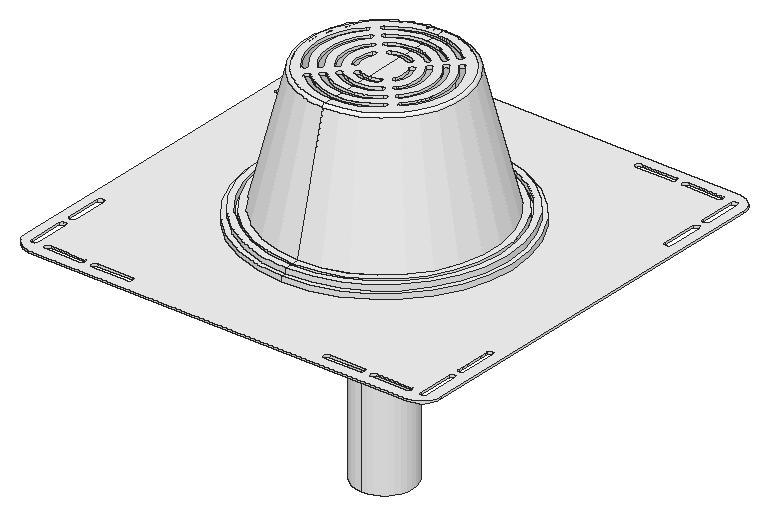
Revit family "RFD", category Plumbing Fixtures, host Face, Revit 2018
Family settings
  Host = Face
  Round Connector Dimension = Use Radius
  Part Type = Normal
  Cut with Voids When Loaded = No
  Shared = No
  Room Calculation Point = No
Parameters
  WFU = 0
  URL = "WWW.MIFAB.COM"
  Pipe Radius = Pipe Diameter / 2  # 0' - 1 1/2"
  Pipe Diameter = 0' - 3"
  Model = "RFD"
  Manufacturer = "MIFAB"
  Floor Drain Material = Paint - Sherwin Williams Paint - #952C2A - Bellwood Red
  Description = "REPLACEMENT ROOF DRAIN"
  Default Elevation = 0' - 0"
  CWFU = 0
  Assembly Code = ""
Reference planes (in)
  plane 1 "Center (Front/Back)": y = 0
  plane 2: z = 0
  plane 3 "Center (Left/Right)": x = 0
  plane 4: z = -3
  plane 5: z = -2.375
  plane 6: y = -1.5
  plane 7: y = 1.5
  plane 8: z = -12.83594
  plane 9: x = -11
  plane 10: x = 11
  plane 11: y = -4.25239
  plane 12: y = 11
  plane 13: y = -11
  plane 14: y = 6.78125
  plane 15: y = -6.78125
  plane 16: y = 6.0625
  plane 17: y = -6.0625
  plane 18: z = -0.07032
  plane 19: z = -0.83594
  plane 20: z = -0.73175
  plane 21: z = 6.66406
Forms (in)
  Revolve 1, solid, material "Paint - Sherwin Williams Paint - #952C2A - Bellwood Red" <- "Floor Drain Material"
    sketch origin (0, 0.04396, -2.375) x (0, 1, 0) y (0, 0, 1)
      loop
        line (-1.54396, -1.10318) -> (-1.54396, -10.46094) -> (-1.43849, -10.46094) -> (-1.43849, -1.10921) -> (-4.19095, 1.64325) -> (-4.29039, 1.64325) -> (-1.54396, -1.10318)
      axis (-0.04396, -10.46094) -> (-0.04396, 1.64325)
    angle from 0 to 360
  Extrusion 2, solid, material "Paint - Sherwin Williams Paint - #952C2A - Bellwood Red" <- "Floor Drain Material"
    sketch origin (0, 0, 0) x (1, 0, 0) y (0, 1, 0)
      loop
        arc (-10, 11) -> (-10.70711, 10.70711) -> (-11, 10) r 1
        line (-11, 10) -> (-11, -10)
        arc (-11, -10) -> (-10.70711, -10.70711) -> (-10, -11) r 1
        line (-10, -11) -> (10, -11)
        arc (10, -11) -> (10.70711, -10.70711) -> (11, -10) r 1
        line (11, -10) -> (11, 10)
        arc (11, 10) -> (10.70711, 10.70711) -> (10, 11) r 1
        line (10, 11) -> (-10, 11)
      loop
        arc (-9.55988, 10.48501) -> (-9.73389, 10.311) -> (-9.55988, 10.13699) r 0.17401
        line (-9.55988, 10.13699) -> (-7.72932, 10.13699)
        arc (-7.72932, 10.13699) -> (-7.55531, 10.311) -> (-7.72932, 10.48501) r 0.17401
        line (-7.72932, 10.48501) -> (-9.55988, 10.48501)
      loop
        arc (-7.05988, 10.48501) -> (-7.23389, 10.311) -> (-7.05988, 10.13699) r 0.17401
        line (-7.05988, 10.13699) -> (-5.22932, 10.13699)
        arc (-5.22932, 10.13699) -> (-5.05531, 10.311) -> (-5.22932, 10.48501) r 0.17401
        line (-5.22932, 10.48501) -> (-7.05988, 10.48501)
      loop
        line (-10.48501, 10.24738) -> (-10.48501, 8.41682)
        arc (-10.48501, 8.41682) -> (-10.311, 8.24281) -> (-10.13699, 8.41682) r 0.17401
        line (-10.13699, 8.41682) -> (-10.13699, 10.24738)
        arc (-10.13699, 10.24738) -> (-10.311, 10.42139) -> (-10.48501, 10.24738) r 0.17401
      loop
        line (-10.48501, 7.74738) -> (-10.48501, 5.91682)
        arc (-10.48501, 5.91682) -> (-10.311, 5.74281) -> (-10.13699, 5.91682) r 0.17401
        line (-10.13699, 5.91682) -> (-10.13699, 7.74738)
        arc (-10.13699, 7.74738) -> (-10.311, 7.92139) -> (-10.48501, 7.74738) r 0.17401
      loop
        line (9.55988, 10.48501) -> (7.72932, 10.48501)
        arc (7.72932, 10.48501) -> (7.55531, 10.311) -> (7.72932, 10.13699) r 0.17401
        line (7.72932, 10.13699) -> (9.55988, 10.13699)
        arc (9.55988, 10.13699) -> (9.73389, 10.311) -> (9.55988, 10.48501) r 0.17401
      loop
        line (7.05988, 10.48501) -> (5.22932, 10.48501)
        arc (5.22932, 10.48501) -> (5.05531, 10.311) -> (5.22932, 10.13699) r 0.17401
        line (5.22932, 10.13699) -> (7.05988, 10.13699)
        arc (7.05988, 10.13699) -> (7.23389, 10.311) -> (7.05988, 10.48501) r 0.17401
      loop
        arc (10.48501, 10.24738) -> (10.311, 10.42139) -> (10.13699, 10.24738) r 0.17401
        line (10.13699, 10.24738) -> (10.13699, 8.41682)
        arc (10.13699, 8.41682) -> (10.311, 8.24281) -> (10.48501, 8.41682) r 0.17401
        line (10.48501, 8.41682) -> (10.48501, 10.24738)
      loop
        arc (10.48501, 7.74738) -> (10.311, 7.92139) -> (10.13699, 7.74738) r 0.17401
        line (10.13699, 7.74738) -> (10.13699, 5.91682)
        arc (10.13699, 5.91682) -> (10.311, 5.74281) -> (10.48501, 5.91682) r 0.17401
        line (10.48501, 5.91682) -> (10.48501, 7.74738)
      loop
        line (-9.55988, -10.48501) -> (-7.72932, -10.48501)
        arc (-7.72932, -10.48501) -> (-7.55531, -10.311) -> (-7.72932, -10.13699) r 0.17401
        line (-7.72932, -10.13699) -> (-9.55988, -10.13699)
        arc (-9.55988, -10.13699) -> (-9.73389, -10.311) -> (-9.55988, -10.48501) r 0.17401
      loop
        line (-7.05988, -10.48501) -> (-5.22932, -10.48501)
        arc (-5.22932, -10.48501) -> (-5.05531, -10.311) -> (-5.22932, -10.13699) r 0.17401
        line (-5.22932, -10.13699) -> (-7.05988, -10.13699)
        arc (-7.05988, -10.13699) -> (-7.23389, -10.311) -> (-7.05988, -10.48501) r 0.17401
      loop
        arc (-10.48501, -10.24738) -> (-10.311, -10.42139) -> (-10.13699, -10.24738) r 0.17401
        line (-10.13699, -10.24738) -> (-10.13699, -8.41682)
        arc (-10.13699, -8.41682) -> (-10.311, -8.24281) -> (-10.48501, -8.41682) r 0.17401
        line (-10.48501, -8.41682) -> (-10.48501, -10.24738)
      loop
        arc (-10.48501, -7.74738) -> (-10.311, -7.92139) -> (-10.13699, -7.74738) r 0.17401
        line (-10.13699, -7.74738) -> (-10.13699, -5.91682)
        arc (-10.13699, -5.91682) -> (-10.311, -5.74281) -> (-10.48501, -5.91682) r 0.17401
        line (-10.48501, -5.91682) -> (-10.48501, -7.74738)
      loop
        arc (9.55988, -10.48501) -> (9.73389, -10.311) -> (9.55988, -10.13699) r 0.17401
        line (9.55988, -10.13699) -> (7.72932, -10.13699)
        arc (7.72932, -10.13699) -> (7.55531, -10.311) -> (7.72932, -10.48501) r 0.17401
        line (7.72932, -10.48501) -> (9.55988, -10.48501)
      loop
        arc (7.05988, -10.48501) -> (7.23389, -10.311) -> (7.05988, -10.13699) r 0.17401
        line (7.05988, -10.13699) -> (5.22932, -10.13699)
        arc (5.22932, -10.13699) -> (5.05531, -10.311) -> (5.22932, -10.48501) r 0.17401
        line (5.22932, -10.48501) -> (7.05988, -10.48501)
      loop
        line (10.48501, -10.24738) -> (10.48501, -8.41682)
        arc (10.48501, -8.41682) -> (10.311, -8.24281) -> (10.13699, -8.41682) r 0.17401
        line (10.13699, -8.41682) -> (10.13699, -10.24738)
        arc (10.13699, -10.24738) -> (10.311, -10.42139) -> (10.48501, -10.24738) r 0.17401
      loop
        line (10.48501, -7.74738) -> (10.48501, -5.91682)
        arc (10.48501, -5.91682) -> (10.311, -5.74281) -> (10.13699, -5.91682) r 0.17401
        line (10.13699, -5.91682) -> (10.13699, -7.74738)
        arc (10.13699, -7.74738) -> (10.311, -7.92139) -> (10.48501, -7.74738) r 0.17401
      loop
        circle (0, 0) r 4.19357
    from -0.73175 to -0.83594
  Revolve 3, solid, material "Paint - Sherwin Williams Paint - #952C2A - Bellwood Red" <- "Floor Drain Material"
    sketch origin (0, 0, 0) x (0, 1, 0) y (0, 0, 1)
      loop
        line (-6.78125, -0.55961) -> (-5.92019, -0.55961) -> (-5.92019, -0.59376)
        arc (-5.92019, -0.59376) -> (-5.77734, -0.73661) -> (-5.63449, -0.59376) r 0.14285
        line (-5.63449, -0.59376) -> (-5.63449, -0.55961) -> (-5.38449, -0.55961) -> (-5.38449, -0.59376)
        arc (-5.38449, -0.59376) -> (-5.24164, -0.73661) -> (-5.09879, -0.59376) r 0.14285
        line (-5.09879, -0.59376) -> (-4.18981, -0.65732) -> (-4.18981, -0.36795) -> (-6.21626, -0.28771) -> (-6.21626, 0) -> (-6.53125, 0) -> (-6.53125, -0.28771) -> (-6.78125, -0.28771) -> (-6.78125, -0.55961)
      axis (0, -0.65732) -> (0, 0)
    angle from 0 to 360
  Revolve 4, solid, material "Paint - Sherwin Williams Paint - #952C2A - Bellwood Red" <- "Floor Drain Material"
    sketch origin (0, 0, 0) x (0, 1, 0) y (0, 0, 1)
      loop
        line (-6.0625, -0.28771) -> (-5.66773, -0.28771) -> (-3.98461, 6.46292)
        arc (-3.98461, 6.46292) -> (-3.94533, 6.52339) -> (-3.87715, 6.54687) r 0.11074
        line (-3.87715, 6.54687) -> (0, 6.54687) -> (0, 6.66406) -> (-3.91067, 6.66406)
        arc (-3.91067, 6.66406) -> (-4.02459, 6.62483) -> (-4.09021, 6.52378) r 0.18504
        line (-4.09021, 6.52378) -> (-5.71677, 0) -> (-6.0625, 0) -> (-6.0625, -0.28771)
      axis (0, -0.28771) -> (0, 6.66406)
    angle from 0 to 360
  Extrusion 5, void
    sketch origin (0, 0, 0) x (1, 0, 0) y (0, 1, 0)
      loop
        arc (-1.93248, 2.46193) -> (-0.00318, 3.18071) -> (1.91153, 2.42392) r 2.87254
        arc (1.91153, 2.42392) -> (2.13066, 2.4379) -> (2.10738, 2.65623) r 0.15207
        arc (2.10738, 2.65623) -> (-0.01609, 3.48442) -> (-2.14754, 2.67699) r 3.17615
        arc (-2.14754, 2.67699) -> (-2.15465, 2.45482) -> (-1.93248, 2.46193) r 0.15238
      loop
        arc (1.69663, 2.12805) -> (-0.00142, 2.7961) -> (-1.71469, 2.16811) r 2.56893
        arc (-1.71469, 2.16811) -> (-1.70635, 1.96115) -> (-1.49939, 1.95281) r 0.15274
        arc (-1.49939, 1.95281) -> (0.0115, 2.49226) -> (1.50078, 1.89574) r 2.26531
        arc (1.50078, 1.89574) -> (1.7199, 1.90972) -> (1.69663, 2.12805) r 0.15206
      loop
        arc (1.19413, 1.63754) -> (0.0007, 2.06734) -> (-1.20623, 1.67705) r 1.9617
        arc (-1.20623, 1.67705) -> (-1.23691, 1.46457) -> (-1.02443, 1.43388) r 0.15181
        arc (-1.02443, 1.43388) -> (-0.0043, 1.76377) -> (1.00443, 1.40049) r 1.65809
        arc (1.00443, 1.40049) -> (1.2178, 1.42416) -> (1.19413, 1.63754) r 0.15181
      loop
        arc (0.63232, 1.16507) -> (0.01631, 1.33809) -> (-0.6104, 1.20904) r 1.35448
        arc (-0.6104, 1.20904) -> (-0.68278, 1.00692) -> (-0.48066, 0.93455) r 0.15181
        arc (-0.48066, 0.93455) -> (0.00557, 1.03467) -> (0.48351, 0.90043) r 1.05087
        arc (0.48351, 0.90043) -> (0.69023, 0.95834) -> (0.63232, 1.16507) r 0.15181
      loop
        arc (-1.93248, -2.46193) -> (-2.15465, -2.45482) -> (-2.14754, -2.67699) r 0.15238
        arc (-2.14754, -2.67699) -> (-0.01609, -3.48442) -> (2.10738, -2.65623) r 3.17615
        arc (2.10738, -2.65623) -> (2.13066, -2.4379) -> (1.91153, -2.42392) r 0.15207
        arc (1.91153, -2.42392) -> (-0.00318, -3.18071) -> (-1.93248, -2.46193) r 2.87254
      loop
        arc (1.69663, -2.12805) -> (1.7199, -1.90972) -> (1.50078, -1.89574) r 0.15206
        arc (1.50078, -1.89574) -> (0.0115, -2.49226) -> (-1.49939, -1.95281) r 2.26531
        arc (-1.49939, -1.95281) -> (-1.70635, -1.96115) -> (-1.71469, -2.16811) r 0.15274
        arc (-1.71469, -2.16811) -> (-0.00142, -2.7961) -> (1.69663, -2.12805) r 2.56893
      loop
        arc (1.19413, -1.63754) -> (1.2178, -1.42416) -> (1.00443, -1.40049) r 0.15181
        arc (1.00443, -1.40049) -> (-0.0043, -1.76377) -> (-1.02443, -1.43388) r 1.65809
        arc (-1.02443, -1.43388) -> (-1.23691, -1.46457) -> (-1.20623, -1.67705) r 0.15181
        arc (-1.20623, -1.67705) -> (0.0007, -2.06734) -> (1.19413, -1.63754) r 1.9617
      loop
        arc (0.63232, -1.16507) -> (0.69023, -0.95834) -> (0.48351, -0.90043) r 0.15181
        arc (0.48351, -0.90043) -> (0.00557, -1.03467) -> (-0.48066, -0.93455) r 1.05087
        arc (-0.48066, -0.93455) -> (-0.68278, -1.00692) -> (-0.6104, -1.20904) r 0.15181
        arc (-0.6104, -1.20904) -> (0.01631, -1.33809) -> (0.63232, -1.16507) r 1.35448
      loop
        arc (-2.47416, -1.92143) -> (-3.19714, 0.0063) -> (-2.44453, 1.92265) r 2.87254
        arc (-2.44453, 1.92265) -> (-2.45899, 2.14175) -> (-2.67727, 2.118) r 0.15207
        arc (-2.67727, 2.118) -> (-3.50083, -0.00727) -> (-2.68875, -2.13696) r 3.17615
        arc (-2.68875, -2.13696) -> (-2.46656, -2.14359) -> (-2.47416, -1.92143) r 0.15238
      loop
        arc (-2.14819, 1.7084) -> (-2.81254, 0.0089) -> (-2.18082, -1.703) r 2.56893
        arc (-2.18082, -1.703) -> (-1.97387, -1.69421) -> (-1.96598, -1.48723) r 0.15274
        arc (-1.96598, -1.48723) -> (-2.50872, 0.02248) -> (-1.91546, 1.51305) r 2.26531
        arc (-1.91546, 1.51305) -> (-1.92991, 1.73214) -> (-2.14819, 1.7084) r 0.15206
      loop
        arc (-1.65659, 1.20697) -> (-2.08379, 0.0126) -> (-1.69086, -1.19347) r 1.9617
        arc (-1.69086, -1.19347) -> (-1.47831, -1.22369) -> (-1.4481, -1.01114) r 0.15181
        arc (-1.4481, -1.01114) -> (-1.78021, 0.00827) -> (-1.41913, 1.01778) r 1.65809
        arc (-1.41913, 1.01778) -> (-1.44326, 1.23111) -> (-1.65659, 1.20697) r 0.15181
      loop
        arc (-1.1829, 0.6462) -> (-1.35458, 0.0298) -> (-1.22415, -0.59662) r 1.35448
        arc (-1.22415, -0.59662) -> (-1.02188, -0.66856) -> (-0.94994, -0.46628) r 0.15181
        arc (-0.94994, -0.46628) -> (-1.05113, 0.01973) -> (-0.91794, 0.49796) r 1.05087
        arc (-0.91794, 0.49796) -> (-0.9763, 0.70456) -> (-1.1829, 0.6462) r 0.15181
      loop
        arc (2.44969, -1.91069) -> (2.44306, -2.13288) -> (2.66522, -2.12529) r 0.15238
        arc (2.66522, -2.12529) -> (3.468, 0.00792) -> (2.63518, 2.12958) r 3.17615
        arc (2.63518, 2.12958) -> (2.4168, 2.15238) -> (2.4033, 1.93322) r 0.15207
        arc (2.4033, 1.93322) -> (3.16426, 0.02017) -> (2.44969, -1.91069) r 2.87254
      loop
        arc (2.1079, 1.71768) -> (1.88951, 1.74047) -> (1.87601, 1.52132) r 0.15206
        arc (1.87601, 1.52132) -> (2.47578, 0.03335) -> (1.93963, -1.47871) r 2.26531
        arc (1.93963, -1.47871) -> (1.94841, -1.68566) -> (2.1554, -1.69354) r 0.15274
        arc (2.1554, -1.69354) -> (2.77965, 0.02109) -> (2.1079, 1.71768) r 2.56893
      loop
        arc (1.61848, 1.21411) -> (1.40506, 1.23732) -> (1.38185, 1.02389) r 0.15181
        arc (1.38185, 1.02389) -> (1.74733, 0.01596) -> (1.41966, -1.00489) r 1.65809
        arc (1.41966, -1.00489) -> (1.45081, -1.2173) -> (1.66322, -1.18616) r 0.15181
        arc (1.66322, -1.18616) -> (2.05089, 0.02162) -> (1.61848, 1.21411) r 1.9617
      loop
        arc (1.14724, 0.65128) -> (0.94039, 0.70874) -> (0.88293, 0.50188) r 0.15181
        arc (0.88293, 0.50188) -> (1.01821, 0.02424) -> (0.91914, -0.4622) r 1.05087
        arc (0.91914, -0.4622) -> (0.99196, -0.66416) -> (1.19392, -0.59135) r 0.15181
        arc (1.19392, -0.59135) -> (1.32161, 0.03564) -> (1.14724, 0.65128) r 1.35448
    from 6.35885 to 7.1022
Cuts and joins
  joined: Revolve 1, Extrusion 2
  Extrusion 5 cuts Revolve 4
Lines and regions (in)
  model lines, not visible
    curve 1: line (6.7156, 0, 9.07611) -> (12.5156, 0, 9.07611)
    curve 2: line (12.5156, 0, 9.07611) -> (12.5156, 0, 10.82611)
    curve 3: line (12.5156, 0, 10.82611) -> (6.7156, 0, 10.82611)
    curve 4: line (6.7156, 0, 10.82611) -> (6.7156, 0, 9.07611)
    curve 5: line (7.13163, 0, 10.86539) -> (7.13163, 0, 12.86539)
    curve 6: line (7.13163, 0, 12.86539) -> (15.53163, 0, 12.86539)
    curve 7: line (15.53163, 0, 12.86539) -> (15.53163, 0, 10.86539)
    curve 8: line (11.33163, 0, 12.86539) -> (11.33163, 0, 12.36539)
    curve 9: line (10.38306, 10.17879, 0) -> (10.38306, 12.67879, 0)
    curve 10: line (10.38306, 12.67879, 0) -> (20.88306, 12.67879, 0)
    curve 11: line (20.88306, 12.67879, 0) -> (20.88306, 10.17879, 0)
    curve 12: line (15.63306, 12.67879, 0) -> (15.63306, 10.92879, 0)
    curve 13: line (10.06912, 0, 4.67543) -> (10.06912, 0, 6.92543)
    curve 14: line (10.06912, 0, 6.92543) -> (-0.26488, 0, 6.92543)
    curve 15: line (-0.26488, 0, 6.92543) -> (-0.26488, 0, 4.42543)
    curve 16: line (10.75678, 9.64709, 0) -> (10.75678, 10.89709, 0)
    curve 17: line (10.75678, 10.89709, 0) -> (15.25678, 10.89709, 0)
    curve 18: line (15.25678, 10.89709, 0) -> (15.25678, 9.64709, 0)
    curve 19: line (13.00678, 10.89709, 0) -> (13.00678, 10.14709, 0)
    curve 20: line (6.88273, 9.30587, 0) -> (6.88273, 10.55587, 0)
    curve 21: line (6.88273, 10.55587, 0) -> (20.08273, 10.55587, 0)
    curve 22: line (20.08273, 10.55587, 0) -> (20.08273, 9.30587, 0)
    curve 23: line (13.48273, 10.55587, 0) -> (13.48273, 9.80587, 0)
    curve 24: line (16.96132, 12.87513, 0) -> (16.96132, 15.37513, 0)
    curve 25: line (16.96132, 15.37513, 0) -> (27.46132, 15.37513, 0)
    curve 26: line (27.46132, 15.37513, 0) -> (27.46132, 12.87513, 0)
    curve 27: line (22.21132, 15.37513, 0) -> (22.21132, 14.12513, 0)
    curve 28: line (4.80401, 26.27015, 0) -> (4.80401, 28.52015, 0)
    curve 29: line (4.80401, 28.52015, 0) -> (15.86651, 28.52015, 0)
    curve 30: line (15.86651, 28.52015, 0) -> (15.86651, 26.27015, 0)
    curve 31: line (10.33526, 28.52015, 0) -> (10.33526, 27.02015, 0)
    curve 32: line (4.80401, 26.27015, 0) -> (4.80401, 28.52015, 0)
    curve 33: line (4.80401, 28.52015, 0) -> (9.80401, 28.52015, 0)
    curve 34: line (9.80401, 28.52015, 0) -> (9.80401, 26.27015, 0)
    curve 35: line (7.30401, 28.52015, 0) -> (7.30401, 27.02015, 0)
    curve 36: line (4.30401, 26.27015, 0) -> (4.30401, 28.52015, 0)
    curve 37: line (4.30401, 28.52015, 0) -> (10.30401, 28.52015, 0)
    curve 38: line (10.30401, 28.52015, 0) -> (10.30401, 26.27015, 0)
    curve 39: line (7.30401, 28.52015, 0) -> (7.30401, 27.02015, 0)
    curve 40: line (10.02403, 24.13739, 0) -> (10.02403, 27.63739, 0)
    curve 41: line (10.02403, 27.63739, 0) -> (16.39403, 27.63739, 0)
    curve 42: line (16.39403, 27.63739, 0) -> (16.39403, 24.13739, 0)
    curve 43: line (13.20903, 27.63739, 0) -> (13.20903, 25.88739, 0)
    curve 44: line (11.26242, 10.04523, 0) -> (11.26242, 11.54523, 0)
    curve 45: line (11.26242, 11.54523, 0) -> (28.32492, 11.54523, 0)
    curve 46: line (28.32492, 11.54523, 0) -> (28.32492, 10.04523, 0)
    curve 47: line (19.79367, 11.54523, 0) -> (19.79367, 11.04523, 0)
    curve 48: line (10.4456, 26.43341, 0) -> (10.4456, 28.43341, 0)
    curve 49: line (10.4456, 28.43341, 0) -> (20.4456, 28.43341, 0)
    curve 50: line (20.4456, 28.43341, 0) -> (20.4456, 26.43341, 0)
    curve 51: line (15.4456, 28.43341, 0) -> (15.4456, 27.43341, 0)
    curve 52: line (-14.38055, 12.47308, 0) -> (-14.38055, 22.47308, 0)
    curve 53: line (-14.38055, 22.47308, 0) -> (-12.88055, 22.47308, 0)
    curve 54: line (-14.38055, 12.47308, 0) -> (-12.88055, 12.47308, 0)
    curve 55: line (-14.38055, 17.47308, 0) -> (-13.63055, 17.47308, 0)
    curve 56: line (0, 9.5734, 28.63941) -> (0, 9.5734, 31.38941)
    curve 57: line (0, 9.5734, 31.38941) -> (0, -2.5516, 31.38941)
    curve 58: line (0, -2.5516, 31.38941) -> (0, -2.5516, 28.63941)
    curve 59: line (0, 3.5109, 31.38941) -> (0, 3.5109, 30.38941)
Dimensions and locks (in)
  equal spacing: plane 7, plane 1 "Center (Front/Back)", plane 6
  "Pipe Diameter": plane 7 to plane 6
  "Pipe Radius": plane 1 "Center (Front/Back)" to plane 6
  locked: plane 19 to plane 8 at 12
  plane 2 to plane 8 = 1' - 0 107/128"
  equal spacing: plane 9, plane 3 "Center (Left/Right)", plane 10  (x2)
  plane 9 to plane 10 = 1' - 10"  (x2)
  equal spacing: plane 12, plane 1 "Center (Front/Back)", plane 13  (x2)
  plane 12 to plane 13 = 1' - 10"  (x2)
  equal spacing: plane 14, plane 1 "Center (Front/Back)", plane 15
  plane 14 to plane 15 = 1' - 1 9/16"
  equal spacing: plane 16, plane 1 "Center (Front/Back)", plane 17
  locked: plane 16 to plane 17 at 12.125
  plane 18 to plane 2 = 0' - 0 9/128"
  locked: plane 19 to plane 20 at 0.10419
  locked: plane 19 to plane 21 at 7.5
  aligned and locked: plane 2 to host face
  aligned and locked: level to host face
  aligned and locked: Revolve 1 sketch curve to plane 8
  aligned and locked: plane 12 to Extrusion 2 sketch curve
  aligned and locked: plane 9 to Extrusion 2 sketch curve
  aligned and locked: Extrusion 2 sketch curve to plane 13
  aligned and locked: plane 10 to Extrusion 2 sketch curve
  aligned and locked: plane 19 to Extrusion 2
  aligned and locked: Extrusion 2 to plane 20
Automatic sketch dimensions
  host sketch curve to host sketch curve = 8' - 0"  (x2)
  curve 5 to curve 7 = 0' - 8.4"
  curve 5 to curve 8 = 0' - 4.2"
  curve 5 to curve 5 = 0' - 2"
  curve 7 to curve 6 = 0' - 2"
  curve 8 to curve 8 = 0' - 0 1/2"
  curve 32 to curve 34 = 0' - 5"
  curve 35 to curve 34 = 0' - 2 1/2"
  curve 35 to curve 33 = 0' - 1 1/2"
  curve 32 to curve 33 = 0' - 2 1/4"
  curve 34 to curve 35 = 0' - 0 3/4"
  curve 36 to curve 38 = 0' - 6"
  curve 39 to curve 38 = 0' - 3"
  curve 39 to curve 37 = 0' - 1 1/2"
  curve 36 to curve 37 = 0' - 2 1/4"
  curve 38 to curve 39 = 0' - 0 3/4"
  curve 57 to curve 57 = 1' - 0 1/8"
  curve 57 to curve 59 = 0' - 6 1/16"
  curve 56 to curve 56 = 0' - 2 3/4"
  curve 58 to curve 57 = 0' - 2 3/4"
  curve 59 to curve 59 = 0' - 1"
  plane 1 "Center (Front/Back)" to Extrusion 2 sketch curve = 0' - 0"
  Extrusion 2 sketch curve to plane 9 = 0' - 0.51499"  (x4)
  Extrusion 2 sketch curve to plane 17 = 0' - 0.14568"  (x2)
  Extrusion 2 sketch curve to Extrusion 2 sketch curve = 0' - 0.17401"  (x15)
  Extrusion 2 sketch curve to Extrusion 2 sketch curve = 0' - 0.13699"  (x4)
  Extrusion 2 sketch curve to Extrusion 2 sketch curve = 0' - 0.57711"  (x2)
  plane 13 to Extrusion 2 sketch curve = 0' - 0.689"  (x4)
  Extrusion 2 sketch curve to Extrusion 2 sketch curve = 0' - 1.83056"  (x6)
  plane 12 to Extrusion 2 sketch curve = 0' - 0.689"  (x3)
  Extrusion 2 sketch curve to Extrusion 2 sketch curve = 0' - 0.66944"  (x8)
  plane 3 "Center (Left/Right)" to Extrusion 2 sketch curve = 0' - 5.22932"  (x2)
  plane 12 to Extrusion 2 sketch curve = 0' - 0.86301"  (x2)
  plane 10 to Extrusion 2 sketch curve = 0' - 1.44012"  (x2)
  Extrusion 2 sketch curve to Extrusion 2 sketch curve = 0' - 0.44012"  (x2)
  plane 10 to Extrusion 2 sketch curve = 0' - 0.86301"
  Extrusion 2 sketch curve to Extrusion 2 sketch curve = 0' - 0"
  Extrusion 2 sketch curve to Extrusion 2 sketch curve = 0' - 0.24738"  (x4)
  Extrusion 2 sketch curve to Extrusion 2 sketch curve = 0' - 1.58318"
  plane 15 to Extrusion 2 sketch curve = 0' - 1.63557"
  plane 16 to Extrusion 2 sketch curve = 0' - 0.14568"  (x2)
  plane 14 to Extrusion 2 sketch curve = 0' - 0.96613"  (x2)
  Extrusion 2 sketch curve to plane 3 "Center (Left/Right)" = 0' - 0"
  Revolve 4 sketch curve to plane 17 = 0' - 0"
  Revolve 4 sketch curve to level = 0' - 0"
  plane 21 to Revolve 4 sketch curve = 0' - 0"
  Revolve 4 sketch curve to plane 1 "Center (Front/Back)" = 0' - 0"  (x2)
  Revolve 4 sketch curve to plane 17 = 0' - 0.34573"
  Revolve 4 sketch curve to Revolve 4 sketch curve = 0' - 0.04904"
  plane 21 to Revolve 4 sketch curve = 0' - 0.14027"
  Revolve 4 sketch curve to plane 17 = 0' - 1.97229"
  plane 21 to Revolve 4 sketch curve = 0' - 0.20114"
  Revolve 4 sketch curve to Revolve 4 sketch curve = 0' - 0.1056"
  Revolve 4 sketch curve to Revolve 4 sketch curve = 0' - 0.07394"
  Revolve 4 sketch curve to Revolve 4 sketch curve = 0' - 0.03351"
  plane 18 to Revolve 4 sketch curve = 0' - 0.2174"
  Revolve 4 sketch curve to Revolve 4 sketch curve = 0' - 0.04289"
  Revolve 4 sketch curve to plane 21 = 0' - 0 3/4"
  Revolve 4 sketch curve to Revolve 4 sketch curve = 0' - 1 1/4"
  Extrusion 5 sketch curve to Extrusion 5 sketch curve = 0' - 0"  (x66)
  plane 6 to Extrusion 5 sketch curve = 0' - 0.53607"
  Extrusion 5 sketch curve to plane 3 "Center (Left/Right)" = 0' - 2.57455"
  plane 7 to Extrusion 5 sketch curve = 0' - 0.52527"
  Extrusion 5 sketch curve to plane 3 "Center (Left/Right)" = 0' - 2.55675"
  plane 6 to Extrusion 5 sketch curve = 0' - 0.08644"
  Extrusion 5 sketch curve to Extrusion 5 sketch curve = 0' - 0.49244"
  Extrusion 5 sketch curve to Extrusion 5 sketch curve = 0' - 0.52765"
  Extrusion 5 sketch curve to Extrusion 5 sketch curve = 0' - 0.50985"
  plane 7 to Extrusion 5 sketch curve = 0' - 0.11567"
  Extrusion 5 sketch curve to Extrusion 5 sketch curve = 0' - 0.52908"
  Extrusion 5 sketch curve to Extrusion 5 sketch curve = 0' - 0.42932"
  Extrusion 5 sketch curve to Extrusion 5 sketch curve = 0' - 0.44855"
  Extrusion 5 sketch curve to Extrusion 5 sketch curve = 0' - 0.51263"
  Extrusion 5 sketch curve to Extrusion 5 sketch curve = 0' - 0.48982"
  plane 6 to Extrusion 5 sketch curve = 0' - 0.05547"
  Extrusion 5 sketch curve to Extrusion 5 sketch curve = 0' - 0.45415"
  plane 7 to Extrusion 5 sketch curve = 0' - 0.05547"
  Extrusion 5 sketch curve to Extrusion 5 sketch curve = 0' - 0.42253"
  Extrusion 5 sketch curve to Extrusion 5 sketch curve = 0' - 0.48243"
  Extrusion 5 sketch curve to Extrusion 5 sketch curve = 0' - 0.48744"
  Extrusion 5 sketch curve to plane 3 "Center (Left/Right)" = 0' - 0.54553"  (x2)
  plane 1 "Center (Front/Back)" to Extrusion 5 sketch curve = 0' - 0.01584"
  Extrusion 5 sketch curve to plane 3 "Center (Left/Right)" = 0' - 0.32469"
  plane 1 "Center (Front/Back)" to Extrusion 5 sketch curve = 0' - 0.01567"
  Extrusion 5 sketch curve to Extrusion 5 sketch curve = 0' - 0.08096"  (x4)
  plane 1 "Center (Front/Back)" to Extrusion 5 sketch curve = 0' - 0.0154"
  Extrusion 5 sketch curve to Extrusion 5 sketch curve = 0' - 0.12144"  (x3)
  Extrusion 5 sketch curve to plane 3 "Center (Left/Right)" = 0' - 0.03192"
  Extrusion 5 sketch curve to plane 1 "Center (Front/Back)" = 0' - 0.01554"
  Extrusion 5 sketch curve to Extrusion 5 sketch curve = 0' - 0.00033"  (x3)
  Extrusion 5 sketch curve to plane 3 "Center (Left/Right)" = 0' - 0.03158"  (x6)
  Extrusion 5 sketch curve to plane 3 "Center (Left/Right)" = 0' - 0.00084"
  plane 1 "Center (Front/Back)" to Extrusion 5 sketch curve = 0' - 0.01494"
  plane 3 "Center (Left/Right)" to Extrusion 5 sketch curve = 0' - 0.08953"
  plane 1 "Center (Front/Back)" to Extrusion 5 sketch curve = 0' - 0.01468"
  plane 1 "Center (Front/Back)" to Extrusion 5 sketch curve = 0' - 0.0145"
  plane 3 "Center (Left/Right)" to Extrusion 5 sketch curve = 0' - 0.55792"  (x2)
  Extrusion 5 sketch curve to Extrusion 5 sketch curve = 0' - 0.45717"
  Extrusion 5 sketch curve to Extrusion 5 sketch curve = 0' - 0.49861"
  plane 7 to Extrusion 5 sketch curve = 0' - 0.01901"
  Extrusion 5 sketch curve to Extrusion 5 sketch curve = 0' - 0.54136"  (x2)
  plane 6 to Extrusion 5 sketch curve = 0' - 0.01901"
  Extrusion 5 sketch curve to Extrusion 5 sketch curve = 0' - 0.40089"
  Extrusion 5 sketch curve to Extrusion 5 sketch curve = 0' - 0.44217"
  Extrusion 5 sketch curve to Extrusion 5 sketch curve = 0' - 0.50436"  (x2)
  plane 7 to Extrusion 5 sketch curve = 0' - 0.12443"
  Extrusion 5 sketch curve to Extrusion 5 sketch curve = 0' - 0.38414"
  Extrusion 5 sketch curve to Extrusion 5 sketch curve = 0' - 0.41075"  (x2)
  plane 6 to Extrusion 5 sketch curve = 0' - 0.07742"
  Extrusion 5 sketch curve to Extrusion 5 sketch curve = 0' - 0.45254"
  Extrusion 5 sketch curve to Extrusion 5 sketch curve = 0' - 0.52728"
  Extrusion 5 sketch curve to Extrusion 5 sketch curve = 0' - 0.4944"
  plane 6 to Extrusion 5 sketch curve = 0' - 0.56915"
  Extrusion 5 sketch curve to Extrusion 5 sketch curve = 0' - 0.95849"
  Extrusion 5 sketch curve to Extrusion 5 sketch curve = 0' - 0.49342"  (x2)
  plane 6 to Extrusion 5 sketch curve = 0' - 0.5249"
  plane 6 to Extrusion 5 sketch curve = 0' - 0.50773"
  Extrusion 5 sketch curve to plane 6 = 0' - 0.39769"
  Extrusion 5 sketch curve to plane 6 = 0' - 0.40448"
  Extrusion 5 sketch curve to plane 6 = 0' - 0.42821"
  Extrusion 5 sketch curve to plane 6 = 0' - 0.46725"
  plane 1 "Center (Front/Back)" to Extrusion 5 sketch curve = 0' - 0.53145"
  plane 1 "Center (Front/Back)" to Extrusion 5 sketch curve = 0' - 0.52678"
  Extrusion 5 sketch curve to Extrusion 5 sketch curve = 0' - 0.29291"
  plane 1 "Center (Front/Back)" to Extrusion 5 sketch curve = 0' - 0.10591"
  plane 1 "Center (Front/Back)" to Extrusion 5 sketch curve = 0' - 0.01554"
  plane 1 "Center (Front/Back)" to Extrusion 5 sketch curve = 0' - 0.01514"
  Extrusion 5 sketch curve to Extrusion 5 sketch curve = 0' - 0.09037"
  Extrusion 5 sketch curve to plane 1 "Center (Front/Back)" = 0' - 0.57208"
  Extrusion 5 sketch curve to plane 1 "Center (Front/Back)" = 0' - 0.57658"
  Extrusion 5 sketch curve to plane 7 = 0' - 0.46725"
  Extrusion 5 sketch curve to plane 7 = 0' - 0.42821"
  Extrusion 5 sketch curve to plane 7 = 0' - 0.38762"
  Extrusion 5 sketch curve to plane 7 = 0' - 0.381"
  plane 7 to Extrusion 5 sketch curve = 0' - 0.50773"
  plane 7 to Extrusion 5 sketch curve = 0' - 0.53633"
  plane 7 to Extrusion 5 sketch curve = 0' - 0.56915"
  Extrusion 5 sketch curve to Extrusion 5 sketch curve = 0' - 0.52818"
  Extrusion 5 sketch curve to Extrusion 5 sketch curve = 0' - 0.12052"  (x2)
  Extrusion 5 sketch curve to Extrusion 5 sketch curve = 0' - 0.1142"
  Extrusion 5 sketch curve to Extrusion 5 sketch curve = 0' - 0.10039"
  Extrusion 5 sketch curve to Extrusion 5 sketch curve = 0' - 0.11222"
  Extrusion 5 sketch curve to Extrusion 5 sketch curve = 0' - 0.09871"
  Extrusion 5 sketch curve to Extrusion 5 sketch curve = 0' - 0.10064"  (x2)
  Extrusion 5 sketch curve to plane 6 = 0' - 0.01277"
  Extrusion 5 sketch curve to Extrusion 5 sketch curve = 0' - 0.11442"  (x2)
  Extrusion 5 sketch curve to Extrusion 5 sketch curve = 0' - 0.11634"  (x2)
  Extrusion 5 sketch curve to Extrusion 5 sketch curve = 0' - 0.12138"
  Extrusion 5 sketch curve to Extrusion 5 sketch curve = 0' - 0.09896"  (x2)
  Extrusion 5 sketch curve to Extrusion 5 sketch curve = 0' - 0.1371"
  Extrusion 5 sketch curve to Extrusion 5 sketch curve = 0' - 0.0909"  (x2)
  Extrusion 5 sketch curve to Extrusion 5 sketch curve = 0' - 0.06487"  (x2)
  Extrusion 5 sketch curve to Extrusion 5 sketch curve = 0' - 0.13216"
  Extrusion 5 sketch curve to Extrusion 5 sketch curve = 0' - 0.11832"
  plane 7 to Extrusion 5 sketch curve = 0' - 0.02132"
  Extrusion 5 sketch curve to Extrusion 5 sketch curve = 0' - 0.10286"  (x2)
  Extrusion 5 sketch curve to Extrusion 5 sketch curve = 0' - 0.12011"
  Extrusion 5 sketch curve to Extrusion 5 sketch curve = 0' - 0.11177"
  Extrusion 5 sketch curve to Extrusion 5 sketch curve = 0' - 0.10089"
  Extrusion 5 sketch curve to Extrusion 5 sketch curve = 0' - 0.12012"
  plane 20 to Revolve 1 sketch curve = 0' - 0"
  Revolve 1 sketch curve to plane 6 = 0' - 0"
  Revolve 1 sketch curve to plane 1 "Center (Front/Back)" = 0' - 0"
  plane 11 to Revolve 1 sketch curve = 0' - 0.1054"
  plane 11 to Revolve 1 sketch curve = 0' - 0.00596"
  Revolve 1 sketch curve to plane 6 = 0' - 0 27/256"
  Revolve 1 sketch curve to plane 4 = 0' - 0.48421"
  Revolve 1 sketch curve to Revolve 1 sketch curve = 0' - 0.00603"
  plane 8 to Revolve 1 sketch curve = 0' - 0 1/8"
  Revolve 1 sketch curve to Revolve 1 sketch curve = 0' - 2.64079"
  Revolve 3 sketch curve to plane 15 = 0' - 0"
  Revolve 3 sketch curve to level = 0' - 0"
  Revolve 3 sketch curve to plane 1 "Center (Front/Back)" = 0' - 0"
  Revolve 3 sketch curve to plane 15 = 0' - 0 1/4"
  plane 17 to Revolve 3 sketch curve = 0' - 0.15376"
  Revolve 3 sketch curve to plane 17 = 0' - 0.14231"
  Revolve 3 sketch curve to Revolve 3 sketch curve = 0' - 0.14285"  (x2)
  Revolve 3 sketch curve to Revolve 3 sketch curve = 0' - 0 1/4"
  plane 18 to Revolve 3 sketch curve = 0' - 0.29764"
  Revolve 3 sketch curve to Revolve 3 sketch curve = 0' - 0.90897"
  Revolve 3 sketch curve to plane 20 = 0' - 0.17214"  (x2)
  Revolve 3 sketch curve to Revolve 3 sketch curve = 0' - 0.03415"  (x2)
  Revolve 3 sketch curve to plane 20 = 0' - 0.07443"
  plane 18 to Revolve 3 sketch curve = 0' - 0.2174"  (x3)
  plane 19 to Revolve 3 sketch curve = 0' - 0.47367"
  radius of Extrusion 2 sketch curve = 0' - 4.19357"
Connectors (in)
  piping at (0, 0, -12.83594), diameter 3, driven by "Pipe Radius", driven by "WFU"
    settings: on Revolve 1, index 2, connector inside diameter 2", connector length 0' - 0", flow factor 0, pipe flow 0 GPM, pressure drop 0.00 psi, fitting loss kfactor 0, connector angle 0.00°, fixture units 0, engagement length 0' - 0", angle of deflection 0.00°, flow configuration 3, flow direction 2, fitting loss method 0, system type 16, joint type 0, gender type 0, connector reference index -1, connector utility 0, adjustable connector no, is connector primary yes, connector description "Sanitary Out"
